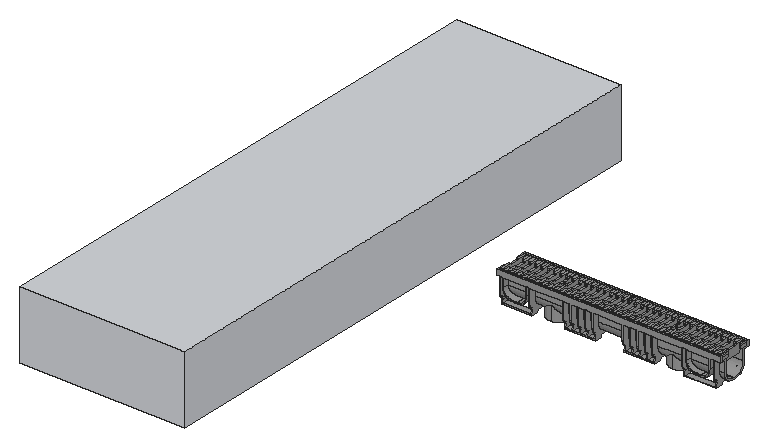
Revit family "Plastic channel Base DN100 with a high board vertical outlet", category Оборудование, Revit 2019
Family settings
  Основа = Грань
  Размер круглого соединителя = Использовать диаметр
  Тип детали = Нормальный
  При загрузке вырезать с полостями = Нет
  Общий = Да
  Точка расчета площади = Нет
Parameters (values of type "Тип 1")
  Adapter [instance] = no
  Drainage Grating [instance] = plastic mesh : 208011
  Choise fastening [instance] = Choice of fastening : 6100-35
  no = No : ні
  Trim size [instance] = 0 mm
  lattice [instance] = if(Drainage Grating = A01, G01, if(Drainage Grating = A02, G02, if(Drainage Grating = A03, G03, if(Drainage Grating = A04, G04, if(Drainage Grating = A05, G05, no)))))  # Plastic grate Base DN100 mesh : 208011
  bias = yes
  VP [instance] = and(Adapter, not(Cap right), CN = 8020, kp = 0 mm, km = 0 mm)  # no
  V1G [instance] = not(and(Trim size > 499 mm, Connection = Connection on the left))  # yes
  R2 = 49 mm
  R1 = 49 mm
  H2 = ADSK_Dimension_Height - 40 mm  # 100 mm
  H1 = if(bias, ADSK_Dimension_Height - 50 mm, ADSK_Dimension_Height - 40 mm)  # 90 mm
  G05 = Plastic grate Base DN100 mesh ADA : 208032
  G04 = Plastic grate Base DN100 mesh ADA : 208022
  G03 = Plastic grate Base DN100 mesh ADA : 208012
  G02 = Plastic grate Base DN100 mesh : 208021
  G01 = Plastic grate Base DN100 mesh : 208011
  Fr3 = Fastening : 6800-35
  Fr2 = Fastening : 6200-35
  Fr1 = Fastening : 6100-35
  Fr [instance] = if(Choise fastening = Fa1, Fr1, if(Choise fastening = Fa2, Fr2, Fr3))  # Fastening : 6100-35
  Fa2 = Choice of fastening : 6200-35
  Fa1 = Choice of fastening : 6100-35
  Connection on the right = TC : Right
  Connection on the left = TC : Left
  Connection [instance] = TC : Right
  Zr [instance] = and(kp = 0 mm, km = 0 mm, Cap right)  # no
  Zl [instance] = and(np = 0 mm, nm = 0 mm, Cap left)  # no
  fastening [instance] = or(Drainage Grating = A03, Drainage Grating = A04, Drainage Grating = A05)  # no
  Tray sinking [instance] = 0 mm  # constant formula
  Cap_begin = if(or(CN = 80080, CN = 8050), Cap8050, if(CN = 8020, Cap8020, if(CN = 8010, Cap8010, if(or(CN = 80090, CN = 80100), Cap1, if(or(CN = 80170, CN = 80180, CN = 80190, CN = 80200), Cap3, Cap2)))))  # Plastic end cap Base DN100 : 630060
  Cap right [instance] = no
  Cap left [instance] = no
  Cap_end = if(CN = 8050, Cap8050, if(CN = 8020, Cap8020, if(CN = 8010, Cap8010, if(or(CN = 80080, CN = 80090), Cap1, if(or(CN = 80160, CN = 80170, CN = 80180, CN = 80190, CN = 80200), Cap3, Cap2)))))  # Plastic end cap Base DN100 : 630-1
  np2 [instance] = if(and(np > 501 mm, Connection = Connection on the right), np - 500 mm, 0 mm)  # 0 mm
  nm2 [instance] = if(and(nm > 501 mm, Connection = Connection on the right), nm - 500 mm, 0 mm)  # 0 mm
  kp2 [instance] = if(and(kp > 501 mm, Connection = Connection on the left), kp - 500 mm, 0 mm)  # 0 mm
  km2 [instance] = if(and(km > 501 mm, Connection = Connection on the left), km - 500 mm, 0 mm)  # 0 mm
  VK2 [instance] = and(fastening, not(or(km > 738 mm, kp > 738 mm, nm > 738 mm, np > 738 mm)))  # no
  VK1 [instance] = and(fastening, not(or(km > 238 mm, kp > 238 mm, nm > 238 mm, np > 238 mm)))  # no
  V2G [instance] = not(and(Trim size > 499 mm, Connection = Connection on the right))  # yes
  V1000 [instance] = 1 = 1  # yes
  Группа модели = "Linear drainage"  # constant formula
  L_line [instance] = if(or(CN = 8000, Connection = Connection on the left), 220 mm, 768 mm)  # 768 mm
  CutUp [instance] = ADSK_Dimension_Height + Tray sinking  # 140 mm
  CutDown [instance] = -CutUp  # -140 mm
  Default Elevation = 0 mm
  np [instance] = if(or(Connection = Connection on the left, CN = 8000, CN = 8007), 0 mm, if(and(Trim angle > 0.00°, Trim size > 694 mm), 0 mm, if(Trim angle > 0.00°, if(Trim angle < MaxAngle, (tan(Trim angle) * ADSK_Dimension_Width), ADSK_Dimension_Width), 0 mm)) + L_trim)  # 0 mm
  nm [instance] = if(or(Connection = Connection on the left, CN = 8000, CN = 8007), 0 mm, if(Trim angle < -MaxAngle, ADSK_Dimension_Width, if(or(Trim angle < 0.00°, Trim angle < -MaxAngle), (-tan(Trim angle) * ADSK_Dimension_Width), 0 mm)) + L_trim)  # 0 mm
  kp [instance] = if(and(Connection = Connection on the right, not(CN = 8000), not(CN = 8007)), 0 mm, if(and(Trim angle > 0.00°, Trim size > 694 mm), 0 mm, if(Trim angle > 0.00°, if(Trim angle < MaxAngle, (tan(Trim angle) * ADSK_Dimension_Width), ADSK_Dimension_Width), 0 mm)) + L_trim)  # 0 mm
  km [instance] = if(and(Connection = Connection on the right, not(CN = 8000)), 0 mm, if(Trim angle < -MaxAngle, ADSK_Dimension_Width, if(or(Trim angle < 0.00°, Trim angle < -MaxAngle), (-tan(Trim angle) * ADSK_Dimension_Width), 0 mm)) + L_trim)  # 0 mm
  W2 = 156 mm  # constant formula
  W1 = 160 mm  # constant formula
  MaxAngle [instance] = 45.00°  # constant formula
  L_trim [instance] = if(Trim size > 600 mm, 600 mm, Trim size)  # 0 mm
  Trim angle [instance] = 0.00°
  Cap8010 = Plastic end cap Base DN100 : 630080
  Cap3 = Plastic end cap Base DN100 : 630-3
  CN = 80080
  Cap8050 = Plastic end cap Base DN100 : 630060
  Cap8020 = Plastic end cap Base DN100 : 630120
  Cap2 = Plastic end cap Base DN100 : 630-2
  Cap1 = Plastic end cap Base DN100 : 630-1
  ADSK_Weight = 0
  ADSK_Unit = "pcs"  # constant formula
  ADSK_Sealant = 0
  ADSK_Product code = ""
  ADSK_Position [instance] = ""
  ADSK_Name = ""
  ADSK_Material_Name = "Plastic"  # constant formula
  ADSK_Manufacturer = "Vodaland"  # constant formula
  ADSK_Load class = "C250"  # constant formula
  ADSK_Dimension_Width = 160 mm  # constant formula
  ADSK_Dimension_Lenght = 1000 mm
  ADSK_Dimension_Height = 140 mm
  ADSK_Dimension_Diameter = 100 mm  # constant formula
  ADSK_Annotation [instance] = ""
  A05 = plastic mesh ADA : 208032
  A04 = plastic mesh ADA : 208022
  A03 = plastic mesh ADA : 208012
  A02 = plastic mesh : 208021
  A01 = plastic mesh : 208011
Reference planes
  plane 1 "По центру (Вперед/Назад)": y = 0
  plane 2: z = 0
  plane 3 "По центру (Влево/Вправо)": x = 0
  plane 4: x = 1000
  plane 5: x = 750
  plane 6: x = 250
  plane 7: y = 80
  plane 8: y = -80
  plane 9: x = 500
  plane 10: z = 0
  plane 11 "Down": z = -140
Forms (mm)
  Extrusion 1, solid
    sketch origin (0, 0, 0) x (1, 0, 0) y (0, 1, 0)
      loop
        line (-1219.2, 1219.2) -> (-1219.2, -1219.2) -> (-485.164, -1219.2) -> (-485.164, 1219.2) -> (-1219.2, 1219.2)
    from 0 to -304.8
  Extrusion 2, void
    sketch origin (0, 0, 0) x (1, 0, 0) y (0, 1, 0)
      loop
        line (0, 80) -> (0, -80) -> (1000, -80) -> (1000, 80) -> (0, 80)
    from 0 to -140 <- "CutDown"
Lines and regions (mm)
  reference lines
    curve 1: line (768, 0, 0) -> (768, 0, -140)
Dimensions and locks
  equal spacing: plane 7, plane 1 "По центру (Вперед/Назад)", plane 8
  "ADSK_Dimension_Width": plane 7 to plane 8
  "ADSK_Dimension_Lenght": plane 3 "По центру (Влево/Вправо)" to plane 4
  equal spacing: plane 3 "По центру (Влево/Вправо)", plane 9, plane 4
  equal spacing: plane 9, plane 5, plane 4
  equal spacing: plane 3 "По центру (Влево/Вправо)", plane 6, plane 9
  "km": Extrusion 2 sketch curve to plane 4
  "np": plane 3 "По центру (Влево/Вправо)" to Extrusion 2 sketch curve
  "nm": plane 3 "По центру (Влево/Вправо)" to Extrusion 2 sketch curve
  "kp": Extrusion 2 sketch curve to plane 4
  "Tray sinking": plane 2 to plane 10
  "CutUp": plane 2 to plane 11 "Down"
  "L_line": curve 1 to plane 3 "По центру (Влево/Вправо)"
  aligned and locked: plane 2 to Extrusion 1
  aligned and locked: level to Extrusion 1
  aligned and locked: Extrusion 2 sketch curve to plane 7
  aligned and locked: plane 8 to Extrusion 2 sketch curve
  aligned and locked: nested 5 to nested 3
  aligned and locked: plane 10 to nested 5
  aligned and locked: plane 10 to nested 7
  aligned and locked: plane 4 to nested 7
  aligned and locked: plane 3 "По центру (Влево/Вправо)" to nested 5
  aligned and locked: plane 2 to curve 1
  aligned and locked: plane 11 "Down" to curve 1
  aligned and locked: plane 2 to nested 8
  aligned and locked: plane 1 "По центру (Вперед/Назад)" to nested 8
  aligned and locked: plane 4 to nested 8
  aligned and locked: plane 6 to nested 9
  aligned and locked: plane 5 to nested 10
  aligned and locked: plane 1 "По центру (Вперед/Назад)" to nested 10
  aligned and locked: plane 1 "По центру (Вперед/Назад)" to nested 9
Automatic sketch dimensions
  Extrusion 1 sketch curve to Extrusion 1 sketch curve = 734.036 mm
  Extrusion 1 sketch curve to Extrusion 1 sketch curve = 2438.4 mm
Nested families
  nested 1: "No" at (500, 0, 0), kp <- "kp", nm <- "nm", np <- "np", km <- "km", visible <- "V1000", type "ні"
    with Видимість решітки праворуч yes, Видимість решітки ліворуч yes, np 0 mm, nm 0 mm, kp 0 mm, km 0 mm, W1 0 mm, H 0 mm
  nested 2: "Plastic channel Base DN100 high board" at (500, 0, 0), km <- "km", kp <- "kp", nm <- "nm", np <- "np", H <- "ADSK_Dimension_Height", H1 <- "H1", H2 <- "H2", R1 <- "R1", R2 <- "R2", type "a high board"
    with np 0 mm, nm 0 mm, kp 0 mm, km 0 mm, R2_2 54 mm, R2 49 mm, R1_2 54 mm, R1 49 mm, H2 100 mm, H1 90 mm, H 140 mm
  nested 3: "Plastic grate Base DN100 mesh" at (250, 0, 0), visible <- "V2G", type <- "lattice", km <- "km2", kp <- "kp2", nm <- "nm", np <- "np", W1 <- "W1", type "208011"
    with Видимість решітки праворуч yes, Видимість решітки ліворуч yes, np 0 mm, nm 0 mm, kp 0 mm, km 0 mm, W1 160 mm, ADSK_Position "", ADSK_Annotation ""
  nested 4: "Plastic grate Base DN100 mesh" at (750, 0, 0), visible <- "V1G", type <- "lattice", km <- "km", kp <- "kp", nm <- "nm2", np <- "np2", W1 <- "W1", type "208011"
    with Видимість решітки праворуч yes, Видимість решітки ліворуч yes, np 0 mm, nm 0 mm, kp 0 mm, km 0 mm, W1 160 mm, ADSK_Position "", ADSK_Annotation ""
  nested 5: "Plastic end cap Base DN100" at (-2.5, 0, 0), visible <- "Zl", H <- "ADSK_Dimension_Height", type <- "Cap_begin", type "630060"
    with H 140 mm
  nested 6: "Sealant" at (-40, 540, 0), Sealant <- "ADSK_Sealant", type "Sealant"
  nested 7: "Plastic end cap Base DN100" at (997.5, 0, 0), visible <- "Zr", H <- "ADSK_Dimension_Height", type <- "Cap_end", type "630-1"
    with H 140 mm
  nested 8: "Plastic end cap-adapter Base DN100" at (997.5, 0, 0), visible <- "VP", type "6307.4"
    with H 120 mm
  nested 9: "Fastening" at (250, 0, 0), visible <- "VK2", type <- "Fr", type "6100-35"
  nested 10: "Fastening" at (750, 0, 0), visible <- "VK1", type <- "Fr", type "6100-35"
Connectors
  piping at (768, 0, -140), diameter 110
    settings: on curve 1, index 1, connector inside diameter 609.6 mm, connector length 0 mm, flow factor 0, pipe flow 0.0 L/s, pressure drop 0.0 Pa, fitting loss kfactor 0, connector angle 0.00°, fixture units 0, engagement length 0 mm, angle of deflection 0.00°, flow configuration 0, flow direction 2, fitting loss method 0, system type 7, joint type 0, gender type 0, connector reference index -1, connector utility 0, adjustable connector no, is connector primary yes, connector description ""
Definition of nested family "Plastic channel Base DN100 high board"
  Parameters (values of type "a high board")
    np [instance] = 0 mm
    nm [instance] = 0 mm
    kp [instance] = 0 mm
    km [instance] = 0 mm
    US = no
    S = 156 mm  # constant formula
    Rl = 25 mm  # constant formula
    R2_2 [instance] = R2 + 5 mm  # 30 mm
    R2 [instance] = 25 mm
    R1_2 [instance] = R1 + 5 mm  # 30 mm
    R1 [instance] = 25 mm
    Material2 = none
    Material = none
    L = 1000 mm  # constant formula
    Hпос = 20 mm  # constant formula
    H2 [instance] = 110 mm
    H1 [instance] = 100 mm
    H [instance] = 155 mm
    DN = 100 mm  # constant formula
  Reference planes
    plane 1 "По центру (Вперед/Назад)": y = 0
    plane 2 "Up": z = 0
    plane 3 "По центру (Влево/Вправо)": x = 0
    plane 4 "Л": x = -500
    plane 5 "П": x = 500
    plane 6 "Down": z = -155
    plane 7: y = -78
    plane 8: y = 78
    plane 9: z = -20
    plane 10: y = -50
    plane 11: y = 50
    plane 12: z = -120
    plane 13: z = -130
    plane 14: y = 68
    plane 15: y = -68
    plane 16: x = -420
    plane 17: x = 400
    plane 18: z = -25
  Forms (mm)
    Blend 1, solid, material <- "Material", detail levels medium+fine
      base sketch origin (-500, 0, 0) x (0, 1, 0) y (0, 0, 1)
        loop
          line (78, 0) -> (69, 0) -> (69, -20) -> (1.659, -20) -> (-69, -20) -> (-69, 0) -> (-78, 0) -> (-78, -25) -> (-55, -25) -> (-55, -98)
          arc (-55, -98) -> (-47.678, -115.678) -> (-30, -123) r 25
          line (-30, -123) -> (0, -123) -> (30, -123)
          arc (30, -123) -> (47.678, -115.678) -> (55, -98) r 25
          line (55, -98) -> (55, -25) -> (78, -25) -> (78, 0)
      top sketch origin (-500, 0, 0) x (0, 1, 0) y (0, 0, 1)
        loop
          line (78, 0) -> (69, 0) -> (69, -20) -> (2.575, -20) -> (-69, -20) -> (-69, 0) -> (-78, 0) -> (-78, -25) -> (-55, -25) -> (-55, -108)
          arc (-55, -108) -> (-47.678, -125.678) -> (-30, -133) r 25
          line (-30, -133) -> (0.622, -133) -> (30, -133)
          arc (30, -133) -> (47.678, -125.678) -> (55, -108) r 25
          line (55, -108) -> (55, -25) -> (78, -25) -> (78, 0)
      from 0 to 1000 <- "L"
    Extrusion 2, solid, material <- "Material", detail levels medium+fine
      sketch origin (0, 0, -155) x (0, -1, 0) y (1, 0, 0)
        loop
          line (-78, -488) -> (78, -488) -> (78, -350.5) -> (-78, -350.5) -> (-78, -488)
        loop
          line (-78, -205.052) -> (78, -205.052) -> (78, -67.052) -> (-78, -67.052) -> (-78, -205.052)
        loop
          line (78, 199) -> (-78, 199) -> (-78, 61) -> (78, 61) -> (78, 199)
        loop
          line (-78, 327) -> (78, 327) -> (78, 475) -> (-78, 475) -> (-78, 327)
      from 0 to 135
    Blend 3, void
      base sketch origin (-500, 0, 0) x (0, 1, 0) y (0, 0, 1)
        loop
          line (50, -20) -> (-50, -20) -> (-50, -95)
          arc (-50, -95) -> (-42.678, -112.678) -> (-25, -120) r 25
          line (-25, -120) -> (25, -120)
          arc (25, -120) -> (42.678, -112.678) -> (50, -95) r 25
          line (50, -95) -> (50, -20)
      top sketch origin (-500, 0, 0) x (0, 1, 0) y (0, 0, 1)
        loop
          line (50, -20) -> (-50, -20) -> (-50, -105)
          arc (-50, -105) -> (-42.678, -122.678) -> (-25, -130) r 25
          line (-25, -130) -> (25, -130)
          arc (25, -130) -> (42.678, -122.678) -> (50, -105) r 25
          line (50, -105) -> (50, -20)
      from 0 to 1000
    Extrusion 4, void
      sketch origin (-500, 0, 0) x (0, 1, 0) y (0, 0, 1)
        loop
          arc (-68, -141.785) -> (-63.485, -130.709) -> (-68.813, -120) r 14.525
          arc (-68.813, -120) -> (-75.587, -111.353) -> (-78, -100.636) r 25
          line (-78, -100.636) -> (-78, 0) -> (-100.643, 0) -> (-100.643, -155) -> (-68, -155) -> (-68, -141.785)
        loop
          line (68, -141.785) -> (68, -155) -> (100.643, -155) -> (100.643, 0) -> (78, 0) -> (78, -100.636)
          arc (78, -100.636) -> (75.587, -111.353) -> (68.813, -120) r 25
          arc (68.813, -120) -> (63.485, -130.709) -> (68, -141.785) r 14.525
        loop
          arc (-30, -143) -> (-37.071, -145.929) -> (-40, -153) r 10
          line (-40, -153) -> (-40, -155) -> (40, -155) -> (40, -153)
          arc (40, -153) -> (37.071, -145.929) -> (30, -143) r 10
          line (30, -143) -> (-30, -143)
      from 0 to 1000 <- "L"
    Extrusion 5, solid, material <- "Material", detail levels medium+fine
      sketch origin (0, 0, -155) x (0, -1, 0) y (1, 0, 0)
        loop
          circle (0, -280) r 54.25
        loop
          circle (0, 267.5) r 54.25
      from 0 to 135
    Extrusion 6, void
      sketch origin (0, 0, -155) x (0, -1, 0) y (1, 0, 0)
        loop
          line (-78, 500) -> (78, 500) -> (78, 515) -> (-78, 515) -> (-78, 500)
      from -50 to 155
    Extrusion 7, void
      sketch origin (0, 0, -155) x (0, -1, 0) y (1, 0, 0)
        loop
          line (-78, -510) -> (78, -510) -> (78, -500) -> (-78, -500) -> (-78, -510)
      from -50 to 155
    Extrusion 8, void
      sketch origin (0, 0, 0) x (1, 0, 0) y (0, 0, 1)
        loop
          line (-199.693, -25) -> (-199.693, -150) -> (-172.193, -150) -> (-172.193, -25) -> (-199.693, -25)
        loop
          line (-166.693, -25) -> (-166.693, -150) -> (-139.193, -150) -> (-139.193, -25) -> (-166.693, -25)
        loop
          line (-133.693, -25) -> (-133.693, -150) -> (-106.193, -150) -> (-106.193, -25) -> (-133.693, -25)
        loop
          line (-100.693, -25) -> (-100.693, -150) -> (-73.193, -150) -> (-73.193, -25) -> (-100.693, -25)
        loop
          line (332, -149.014) -> (469.5, -149.014) -> (469.5, -25) -> (455.117, -25) -> (455.117, -100)
          arc (455.117, -100) -> (446.331, -121.213) -> (425.117, -130) r 30
          line (425.117, -130) -> (375, -130)
          arc (375, -130) -> (353.787, -121.213) -> (345, -100) r 30
          line (345, -100) -> (345, -25) -> (332, -25) -> (332, -149.014)
        loop
          line (193.302, -25) -> (165.802, -25) -> (165.802, -150) -> (193.302, -150) -> (193.302, -25)
        loop
          line (160.302, -25) -> (132.802, -25) -> (132.802, -150) -> (160.302, -150) -> (160.302, -25)
        loop
          line (127.302, -25) -> (99.802, -25) -> (99.802, -150) -> (127.302, -150) -> (127.302, -25)
        loop
          line (94.302, -25) -> (66.802, -25) -> (66.802, -150) -> (94.302, -150) -> (94.302, -25)
        loop
          line (-470, -25) -> (-470, -95)
          arc (-470, -95) -> (-462.678, -112.678) -> (-445, -120) r 25
          line (-445, -120) -> (-395, -120)
          arc (-395, -120) -> (-377.322, -112.678) -> (-370, -95) r 25
          line (-370, -95) -> (-370, -25) -> (-470, -25)
        loop
          line (-482.625, -149.014) -> (-355.5, -149.014) -> (-355.5, -25) -> (-365, -25) -> (-365, -95)
          arc (-365, -95) -> (-373.787, -116.213) -> (-395, -125) r 30
          line (-395, -125) -> (-445, -125)
          arc (-445, -125) -> (-466.213, -116.213) -> (-475, -95) r 30
          line (-475, -95) -> (-475, -25) -> (-482.625, -25) -> (-482.625, -149.014)
        loop
          line (350, -25) -> (350, -100.014)
          arc (350, -100.014) -> (357.322, -117.691) -> (375, -125.014) r 25
          line (375, -125.014) -> (425, -125.014)
          arc (425, -125.014) -> (442.678, -117.691) -> (450, -100.014) r 25
          line (450, -100.014) -> (450, -25) -> (350, -25)
      from -250 to 250
    Extrusion 9, solid, material <- "Material2", visible <- "US", detail levels medium+fine
      sketch origin (-500, 0, 0) x (0, 1, 0) y (0, 0, 1)
        loop
          line (-69, -20) -> (-50, -20) -> (-50, -25) -> (-49, -25) -> (-49, -19) -> (-68, -19) -> (-68, 0) -> (-69, 0) -> (-69, -20)
        loop
          line (69, -20) -> (69, 0) -> (68, 0) -> (68, -19) -> (49, -19) -> (49, -25) -> (50, -25) -> (50, -20) -> (69, -20)
      from 0 to 1000
    Extrusion 10, solid, detail levels coarse
      sketch origin (0, 0, -155) x (0, -1, 0) y (1, 0, 0)
        loop
          line (-78, -500) -> (78, -500) -> (78, 500) -> (-78, 500) -> (-78, -500)
      from 0 to 155
  Cuts and joins
    Blend 3, Extrusion 4, Extrusion 6, Extrusion 7 cuts Blend 1
    Blend 3, Extrusion 4, Extrusion 6, Extrusion 7, Extrusion 8 cuts Extrusion 2
    Blend 3, Extrusion 6, Extrusion 7 cuts Extrusion 5
    joined: Blend 1, Extrusion 2, Extrusion 5
    Extrusion 6, Extrusion 7 cuts Extrusion 9
    Extrusion 6, Extrusion 7 cuts Extrusion 10
  Lines and regions (mm)
    reference lines
      curve 1: line (500, -78, -155) -> (500, 78, -155)
      curve 2: line (-500, -78, -155) -> (-500, 78, -155)
  Dimensions and locks
    equal spacing: plane 4 "Л", plane 3 "По центру (Влево/Вправо)", plane 5 "П"
    "L": plane 4 "Л" to plane 5 "П"
    locked: Blend 1 sketch curve to Blend 1 sketch curve at 9  (x2)
    Blend 1 sketch curve to Blend 1 sketch curve = 9 mm  (x2)
    "S": plane 7 to plane 8
    equal spacing: plane 7, plane 1 "По центру (Вперед/Назад)", plane 8
    "Hпос": plane 2 "Up" to plane 9
    "DN": plane 10 to plane 11
    equal spacing: plane 10, plane 1 "По центру (Вперед/Назад)", plane 11
    "H2": plane 9 to plane 13
    "H1": plane 9 to plane 12
    plane 12 to Blend 1 sketch curve = 3 mm
    plane 13 to Blend 1 sketch curve = 3 mm
    locked: Extrusion 2 sketch curve to Extrusion 2 sketch curve at 137.5
    Extrusion 2 sketch curve to Extrusion 2 sketch curve = 148 mm
    Extrusion 2 sketch curve to Extrusion 2 sketch curve = 138 mm  (x2)
    equal spacing: plane 14, plane 1 "По центру (Вперед/Назад)", plane 15
    locked: plane 14 to plane 15 at 136
    Blend 1 sketch curve to plane 10 = 5 mm  (x2)
    plane 11 to Blend 1 sketch curve = 5 mm  (x2)
    Extrusion 2 sketch curve to plane 4 "Л" = 12 mm
    Extrusion 4 sketch curve to plane 11 = 10 mm
    plane 10 to Extrusion 4 sketch curve = 10 mm
    plane 4 "Л" to Extrusion 5 sketch curve = 220 mm
    Extrusion 5 sketch curve to plane 5 "П" = 232.5 mm
    "kp": curve 1 to plane 5 "П"
    "km": curve 1 to plane 5 "П"
    "np": plane 4 "Л" to curve 2
    "nm": plane 4 "Л" to curve 2
    locked: plane 5 "П" to Extrusion 6 sketch curve at 15
    locked: Extrusion 7 sketch curve to plane 4 "Л" at 10
    locked: plane 16 to plane 4 "Л" at 80
    locked: plane 5 "П" to plane 17 at 100
    equal spacing: Extrusion 8 sketch curve, plane 16, Extrusion 8 sketch curve
    "DN": Extrusion 8 sketch curve to Extrusion 8 sketch curve  (x2)
    plane 12 to Extrusion 8 sketch curve = 5 mm
    equal spacing: Extrusion 8 sketch curve, plane 17, Extrusion 8 sketch curve
    Extrusion 8 sketch curve to Extrusion 8 sketch curve = 5.117 mm
    locked: cut or joined group of Blend 1, Extrusion 2, Blend 3, Extrusion 4, Extrusion 5, Extrusion 6, Extrusion 7, Extrusion 8 to Extrusion 8 sketch curve at 5
    cut or joined group of Blend 1, Extrusion 2, Blend 3, Extrusion 4, Extrusion 5, Extrusion 6, Extrusion 7, Extrusion 8 to Extrusion 8 sketch curve = 5 mm
    locked: cut or joined group of Blend 1, Extrusion 2, Blend 3, Extrusion 4, Extrusion 5, Extrusion 6, Extrusion 7, Extrusion 8 to cut or joined group of Blend 1, Extrusion 2, Blend 3, Extrusion 4, Extrusion 5, Extrusion 6, Extrusion 7, Extrusion 8 at 19.014
    locked: cut or joined group of Blend 1, Extrusion 2, Blend 3, Extrusion 4, Extrusion 5, Extrusion 6, Extrusion 7, Extrusion 8 to cut or joined group of Blend 1, Extrusion 2, Blend 3, Extrusion 4, Extrusion 5, Extrusion 6, Extrusion 7, Extrusion 8 at 4.986
    "H": plane 2 "Up" to plane 6 "Down"
    locked: plane 9 to plane 18 at 5
    "R1": radius of Blend 3 sketch curve  (x2)
    "R2": radius of Blend 3 sketch curve  (x2)
    "R2": radius of Blend 1 sketch curve  (x2)
    "R1": radius of Blend 1 sketch curve  (x2)
    diameter of Extrusion 5 sketch curve = 108.5 mm  (x2)
    "Rl": radius of Extrusion 4 sketch curve  (x2)
    "R1": radius of Extrusion 8 sketch curve  (x2)
    "R1_2": radius of Extrusion 8 sketch curve  (x2)
    "R2": radius of Extrusion 8 sketch curve  (x2)
    "R2_2": radius of Extrusion 8 sketch curve  (x2)
    aligned and locked: level to plane 2 "Up"
    aligned and locked: Blend 1 sketch curve to level
    aligned and locked: Blend 1 sketch curve to plane 2 "Up"
    aligned and locked: plane 2 "Up" to Blend 1 sketch curve
    aligned and locked: Blend 1 sketch curve to plane 8
    aligned and locked: Blend 1 sketch curve to plane 7
    aligned and locked: plane 7 to Blend 1 sketch curve
    aligned and locked: plane 8 to Blend 1 sketch curve
    aligned and locked: Blend 1 sketch curve to plane 9  (x2)
    aligned and locked: plane 9 to Blend 1 sketch curve
    aligned and locked: plane 9 to Extrusion 2
    aligned and locked: Blend 3 sketch curve to plane 11  (x2)
    aligned and locked: Blend 3 sketch curve to plane 10  (x2)
    aligned and locked: Blend 3 sketch curve to plane 9  (x2)
    aligned and locked: plane 12 to Blend 3 sketch curve
    aligned and locked: plane 13 to Blend 3 sketch curve
    aligned and locked: Extrusion 2 sketch curve to plane 8  (x4)
    aligned and locked: plane 7 to Extrusion 2 sketch curve  (x4)
    aligned and locked: Extrusion 4 sketch curve to plane 15
    aligned and locked: Extrusion 4 sketch curve to plane 14
    aligned and locked: Extrusion 4 sketch curve to plane 6 "Down"
    aligned and locked: plane 6 "Down" to Extrusion 4 sketch curve  (x2)
    aligned and locked: plane 9 to Extrusion 5
    aligned and locked: Extrusion 4 sketch curve to plane 2 "Up"
    aligned and locked: plane 2 "Up" to Extrusion 4 sketch curve
    aligned and locked: Extrusion 4 sketch curve to plane 7
    aligned and locked: Extrusion 4 sketch curve to plane 8
    aligned and locked: Extrusion 6 sketch curve to curve 1
    aligned and locked: Extrusion 6 sketch curve to plane 8
    aligned and locked: plane 7 to Extrusion 6 sketch curve
    aligned and locked: Extrusion 7 sketch curve to curve 2
    aligned and locked: Extrusion 7 sketch curve to plane 8
    aligned and locked: plane 7 to Extrusion 7 sketch curve
    aligned and locked: plane 2 "Up" to Extrusion 6
    aligned and locked: plane 2 "Up" to Extrusion 7
    aligned and locked: plane 13 to Extrusion 8 sketch curve
    aligned and locked: Extrusion 10 sketch curve to plane 5 "П"
    aligned and locked: plane 4 "Л" to Extrusion 10 sketch curve
    aligned and locked: Extrusion 10 sketch curve to plane 8
    aligned and locked: plane 7 to Extrusion 10 sketch curve
    aligned and locked: plane 2 "Up" to Extrusion 10
    aligned and locked: Extrusion 10 to plane 6 "Down"
    aligned and locked: Extrusion 8 sketch curve to plane 18  (x8)
    aligned and locked: plane 18 to Extrusion 8 sketch curve  (x6)
    aligned and locked: Blend 1 sketch curve to plane 18  (x2)
    aligned and locked: plane 18 to Blend 1 sketch curve  (x2)
  Automatic sketch dimensions
    Extrusion 2 sketch curve to Extrusion 2 sketch curve = 145.448 mm
    plane 3 "По центру (Влево/Вправо)" to Extrusion 2 sketch curve = 61 mm
    Extrusion 2 sketch curve to plane 5 "П" = 25 mm
    plane 1 "По центру (Вперед/Назад)" to Extrusion 5 sketch curve = 0 mm  (x2)
    Extrusion 9 sketch curve to level = 0 mm  (x2)
    Extrusion 9 sketch curve to plane 9 = 0 mm  (x2)
    Extrusion 9 sketch curve to plane 15 = 0 mm
    Extrusion 9 sketch curve to plane 10 = 0 mm
    Extrusion 9 sketch curve to plane 11 = 0 mm
    Extrusion 9 sketch curve to plane 14 = 0 mm
    Extrusion 9 sketch curve to plane 15 = 1 mm
    Extrusion 9 sketch curve to plane 10 = 1 mm
    Extrusion 9 sketch curve to Extrusion 9 sketch curve = 1 mm
    plane 14 to Extrusion 9 sketch curve = 1 mm
    Extrusion 9 sketch curve to plane 9 = 5 mm  (x2)
    plane 9 to Extrusion 9 sketch curve = 1 mm  (x2)
    Blend 1 sketch curve to plane 1 "По центру (Вперед/Назад)" = 0 mm
    Blend 1 sketch curve to level = 0 mm
    Blend 1 sketch curve to plane 1 "По центру (Вперед/Назад)" = 1.659 mm
    Blend 1 sketch curve to plane 1 "По центру (Вперед/Назад)" = 0.622 mm
    Blend 1 sketch curve to plane 1 "По центру (Вперед/Назад)" = 2.575 mm
    Extrusion 4 sketch curve to plane 7 = 0 mm
    Extrusion 4 sketch curve to plane 12 = 0 mm  (x4)
    Extrusion 4 sketch curve to plane 8 = 0 mm
    Extrusion 4 sketch curve to plane 7 = 22.643 mm
    plane 6 "Down" to Extrusion 4 sketch curve = 2 mm  (x2)
    Extrusion 4 sketch curve to Extrusion 4 sketch curve = 10 mm
    plane 8 to Extrusion 4 sketch curve = 22.643 mm
    Extrusion 4 sketch curve to plane 13 = 11.785 mm  (x2)
    curve 1 to plane 8 = 0 mm
    curve 2 to plane 8 = 0 mm
    curve 2 to plane 7 = 0 mm
    curve 1 to plane 7 = 0 mm
    Extrusion 8 sketch curve to Extrusion 8 sketch curve = 0 mm  (x3)
    plane 6 "Down" to Extrusion 8 sketch curve = 5.986 mm  (x2)
    plane 4 "Л" to Extrusion 8 sketch curve = 17.375 mm
    plane 6 "Down" to Extrusion 8 sketch curve = 5 mm  (x8)
    Extrusion 8 sketch curve to Extrusion 8 sketch curve = 155.807 mm
    Extrusion 8 sketch curve to Extrusion 8 sketch curve = 27.5 mm  (x8)
    Extrusion 8 sketch curve to Extrusion 8 sketch curve = 5.5 mm  (x6)
    plane 3 "По центру (Влево/Вправо)" to Extrusion 8 sketch curve = 66.802 mm
    Extrusion 8 sketch curve to Extrusion 8 sketch curve = 5 mm
    Extrusion 8 sketch curve to Extrusion 8 sketch curve = 14.383 mm
    Extrusion 8 sketch curve to Extrusion 8 sketch curve = 4.986 mm
Definition of nested family "Plastic grate Base DN100 mesh"
  Parameters (values of type "208011")
    Видимість решітки праворуч [instance] = yes
    Видимість решітки ліворуч [instance] = yes
    np [instance] = 0 mm
    nm [instance] = 0 mm
    kp [instance] = 0 mm
    km [instance] = 0 mm
    W2 = 73.083 mm
    W1 [instance] = 140 mm
    Model = "Linear drainage"  # constant formula
    Material = none
    L2 = 1000 mm  # constant formula
    L1 = 500 mm  # constant formula
    ADSK_Weight = 0.77
    ADSK_Unit = "pcs"  # constant formula
    ADSK_Product code = "208011"
    ADSK_Position [instance] = ""
    ADSK_Name = "Plastic grate Base DN100 mesh A15 high board"
    ADSK_Material_Name = "Plastic"  # constant formula
    ADSK_Manufacturer = "Vodaland"  # constant formula
    ADSK_Load class = "A15"
    ADSK_Dimension_Width = 133 mm  # constant formula
    ADSK_Dimension_Lenght = 498 mm  # constant formula
    ADSK_Annotation [instance] = ""
  Types (2, lengths in mm): name | ADSK_Weight | ADSK_Product code | ADSK_Name | ADSK_Load class
    208011 | 0.77 | "208011" | "Plastic grate Base DN100 mesh A15 high board" | "A15"
    208021 | 0.78 | "208021" | "Plastic grate Base DN100 mesh B125 high board" | "B125"
  Reference planes
    plane 1 "По центру (Вперед/Назад)": y = 0
    plane 2: z = 0
    plane 3 "По центру (Влево/Вправо)": x = 0
    plane 4: y = -66.5
    plane 5: y = 66.5
    plane 6: y = -36.541
    plane 7: y = 36.541
    plane 8: z = -5
    plane 9: z = -38.9
    plane 10: x = -250
    plane 11: x = 250
    plane 12: x = -500
    plane 13: x = 500
    plane 14: x = -250
    plane 15: x = -250
    plane 16: x = 250
    plane 17: x = 250
    plane 18: y = -70
    plane 19: y = 70
  Forms (mm)
    Extrusion 1, solid, material <- "Material", visible <- "Видимість решітки ліворуч", detail levels medium+fine
      sketch origin (0, 0, 0) x (1, 0, 0) y (0, 1, 0)
        loop
          line (-250, 66.5) -> (-250, 36.541) -> (250, 36.541) -> (250, 66.5) -> (-250, 66.5)
      from -5 to 0
    Extrusion 2, solid, material <- "Material", visible <- "Видимість решітки ліворуч", detail levels medium+fine
      sketch origin (0, 0, 0) x (1, 0, 0) y (0, 1, 0)
        loop
          line (-250, -66.5) -> (250, -66.5) -> (250, -36.541) -> (-250, -36.541) -> (-250, -66.5)
      from -5 to 0
    Extrusion 3, solid, material <- "Material", visible <- "Видимість решітки ліворуч", detail levels medium+fine
      sketch origin (-454.062, 0, 0) x (0, 1, 0) y (0, 0, 1)
        loop
          line (-43.386, -19.5) -> (-36.174, -38.9) -> (36.174, -38.9) -> (43.386, -19.5) -> (43.386, 0) -> (66.5, 0) -> (66.5, 2) -> (23.386, 2) -> (23.386, -2.111) -> (-23.386, -2.111) -> (-23.386, 2) -> (-66.5, 2) -> (-66.5, 0) -> (-43.386, 0) -> (-43.386, -19.5)
      from 212.839 to 222.856
    Extrusion 4, solid, material <- "Material", visible <- "Видимість решітки ліворуч", detail levels medium+fine
      sketch origin (-426.273, 0, 0) x (0, 1, 0) y (0, 0, 1)
        loop
          line (-43.386, -19.5) -> (-36.174, -38.9) -> (36.174, -38.9) -> (43.386, -19.5) -> (43.386, 0) -> (66.5, 0) -> (66.5, 2) -> (23.386, 2) -> (23.386, -2.111) -> (-23.386, -2.111) -> (-23.386, 2) -> (-66.5, 2) -> (-66.5, 0) -> (-43.386, 0) -> (-43.386, -19.5)
      from 212.839 to 222.856
    Extrusion 5, solid, material <- "Material", visible <- "Видимість решітки ліворуч", detail levels medium+fine
      sketch origin (-398.483, 0, 0) x (0, 1, 0) y (0, 0, 1)
        loop
          line (-43.386, -19.5) -> (-36.174, -38.9) -> (36.174, -38.9) -> (43.386, -19.5) -> (43.386, 0) -> (66.5, 0) -> (66.5, 2) -> (23.386, 2) -> (23.386, -2.111) -> (-23.386, -2.111) -> (-23.386, 2) -> (-66.5, 2) -> (-66.5, 0) -> (-43.386, 0) -> (-43.386, -19.5)
      from 212.839 to 222.856
    Extrusion 6, solid, material <- "Material", visible <- "Видимість решітки ліворуч", detail levels medium+fine
      sketch origin (-370.693, 0, 0) x (0, 1, 0) y (0, 0, 1)
        loop
          line (-43.386, -19.5) -> (-36.174, -38.9) -> (36.174, -38.9) -> (43.386, -19.5) -> (43.386, 0) -> (66.5, 0) -> (66.5, 2) -> (23.386, 2) -> (23.386, -2.111) -> (-23.386, -2.111) -> (-23.386, 2) -> (-66.5, 2) -> (-66.5, 0) -> (-43.386, 0) -> (-43.386, -19.5)
      from 212.839 to 222.856
    Extrusion 7, solid, material <- "Material", visible <- "Видимість решітки ліворуч", detail levels medium+fine
      sketch origin (-342.903, 0, 0) x (0, 1, 0) y (0, 0, 1)
        loop
          line (-43.386, -19.5) -> (-36.174, -38.9) -> (36.174, -38.9) -> (43.386, -19.5) -> (43.386, 0) -> (66.5, 0) -> (66.5, 2) -> (23.386, 2) -> (23.386, -2.111) -> (-23.386, -2.111) -> (-23.386, 2) -> (-66.5, 2) -> (-66.5, 0) -> (-43.386, 0) -> (-43.386, -19.5)
      from 212.839 to 222.856
    Extrusion 8, solid, material <- "Material", visible <- "Видимість решітки ліворуч", detail levels medium+fine
      sketch origin (-315.113, 0, 0) x (0, 1, 0) y (0, 0, 1)
        loop
          line (-43.386, -19.5) -> (-36.174, -38.9) -> (36.174, -38.9) -> (43.386, -19.5) -> (43.386, 0) -> (66.5, 0) -> (66.5, 2) -> (23.386, 2) -> (23.386, -2.111) -> (-23.386, -2.111) -> (-23.386, 2) -> (-66.5, 2) -> (-66.5, 0) -> (-43.386, 0) -> (-43.386, -19.5)
      from 212.839 to 222.856
    Extrusion 9, solid, material <- "Material", visible <- "Видимість решітки ліворуч", detail levels medium+fine
      sketch origin (-287.323, 0, 0) x (0, 1, 0) y (0, 0, 1)
        loop
          line (-43.386, -19.5) -> (-36.174, -38.9) -> (36.174, -38.9) -> (43.386, -19.5) -> (43.386, 0) -> (66.5, 0) -> (66.5, 2) -> (23.386, 2) -> (23.386, -2.111) -> (-23.386, -2.111) -> (-23.386, 2) -> (-66.5, 2) -> (-66.5, 0) -> (-43.386, 0) -> (-43.386, -19.5)
      from 212.839 to 222.856
    Extrusion 10, solid, material <- "Material", visible <- "Видимість решітки ліворуч", detail levels medium+fine
      sketch origin (-259.533, 0, 0) x (0, 1, 0) y (0, 0, 1)
        loop
          line (-43.386, -19.5) -> (-36.174, -38.9) -> (36.174, -38.9) -> (43.386, -19.5) -> (43.386, 0) -> (66.5, 0) -> (66.5, 2) -> (23.386, 2) -> (23.386, -2.111) -> (-23.386, -2.111) -> (-23.386, 2) -> (-66.5, 2) -> (-66.5, 0) -> (-43.386, 0) -> (-43.386, -19.5)
      from 212.839 to 222.856
    Extrusion 11, solid, material <- "Material", visible <- "Видимість решітки ліворуч", detail levels medium+fine
      sketch origin (-231.743, 0, 0) x (0, 1, 0) y (0, 0, 1)
        loop
          line (-43.386, -19.5) -> (-36.174, -38.9) -> (36.174, -38.9) -> (43.386, -19.5) -> (43.386, 0) -> (66.5, 0) -> (66.5, 2) -> (23.386, 2) -> (23.386, -2.111) -> (-23.386, -2.111) -> (-23.386, 2) -> (-66.5, 2) -> (-66.5, 0) -> (-43.386, 0) -> (-43.386, -19.5)
      from 212.839 to 222.856
    Extrusion 12, solid, material <- "Material", visible <- "Видимість решітки ліворуч", detail levels medium+fine
      sketch origin (-203.953, 0, 0) x (0, 1, 0) y (0, 0, 1)
        loop
          line (-43.386, -19.5) -> (-36.174, -38.9) -> (36.174, -38.9) -> (43.386, -19.5) -> (43.386, 0) -> (66.5, 0) -> (66.5, 2) -> (23.386, 2) -> (23.386, -2.111) -> (-23.386, -2.111) -> (-23.386, 2) -> (-66.5, 2) -> (-66.5, 0) -> (-43.386, 0) -> (-43.386, -19.5)
      from 212.839 to 222.856
    Extrusion 13, solid, material <- "Material", visible <- "Видимість решітки ліворуч", detail levels medium+fine
      sketch origin (-176.163, 0, 0) x (0, 1, 0) y (0, 0, 1)
        loop
          line (-43.386, -19.5) -> (-36.174, -38.9) -> (36.174, -38.9) -> (43.386, -19.5) -> (43.386, 0) -> (66.5, 0) -> (66.5, 2) -> (23.386, 2) -> (23.386, -2.111) -> (-23.386, -2.111) -> (-23.386, 2) -> (-66.5, 2) -> (-66.5, 0) -> (-43.386, 0) -> (-43.386, -19.5)
      from 212.839 to 222.856
    Extrusion 14, solid, material <- "Material", visible <- "Видимість решітки ліворуч", detail levels medium+fine
      sketch origin (-148.373, 0, 0) x (0, 1, 0) y (0, 0, 1)
        loop
          line (-43.386, -19.5) -> (-36.174, -38.9) -> (36.174, -38.9) -> (43.386, -19.5) -> (43.386, 0) -> (66.5, 0) -> (66.5, 2) -> (23.386, 2) -> (23.386, -2.111) -> (-23.386, -2.111) -> (-23.386, 2) -> (-66.5, 2) -> (-66.5, 0) -> (-43.386, 0) -> (-43.386, -19.5)
      from 212.839 to 222.856
    Extrusion 15, solid, material <- "Material", visible <- "Видимість решітки ліворуч", detail levels medium+fine
      sketch origin (-120.583, 0, 0) x (0, 1, 0) y (0, 0, 1)
        loop
          line (-43.386, -19.5) -> (-36.174, -38.9) -> (36.174, -38.9) -> (43.386, -19.5) -> (43.386, 0) -> (66.5, 0) -> (66.5, 2) -> (23.386, 2) -> (23.386, -2.111) -> (-23.386, -2.111) -> (-23.386, 2) -> (-66.5, 2) -> (-66.5, 0) -> (-43.386, 0) -> (-43.386, -19.5)
      from 212.839 to 222.856
    Extrusion 16, solid, material <- "Material", visible <- "Видимість решітки ліворуч", detail levels medium+fine
      sketch origin (-92.793, 0, 0) x (0, 1, 0) y (0, 0, 1)
        loop
          line (-43.386, -19.5) -> (-36.174, -38.9) -> (36.174, -38.9) -> (43.386, -19.5) -> (43.386, 0) -> (66.5, 0) -> (66.5, 2) -> (23.386, 2) -> (23.386, -2.111) -> (-23.386, -2.111) -> (-23.386, 2) -> (-66.5, 2) -> (-66.5, 0) -> (-43.386, 0) -> (-43.386, -19.5)
      from 212.839 to 222.856
    Extrusion 17, solid, material <- "Material", visible <- "Видимість решітки ліворуч", detail levels medium+fine
      sketch origin (-65.003, 0, 0) x (0, 1, 0) y (0, 0, 1)
        loop
          line (-43.386, -19.5) -> (-36.174, -38.9) -> (36.174, -38.9) -> (43.386, -19.5) -> (43.386, 0) -> (66.5, 0) -> (66.5, 2) -> (23.386, 2) -> (23.386, -2.111) -> (-23.386, -2.111) -> (-23.386, 2) -> (-66.5, 2) -> (-66.5, 0) -> (-43.386, 0) -> (-43.386, -19.5)
      from 212.839 to 222.856
    Extrusion 18, solid, material <- "Material", visible <- "Видимість решітки ліворуч", detail levels medium+fine
      sketch origin (-37.213, 0, 0) x (0, 1, 0) y (0, 0, 1)
        loop
          line (-43.386, -19.5) -> (-36.174, -38.9) -> (36.174, -38.9) -> (43.386, -19.5) -> (43.386, 0) -> (66.5, 0) -> (66.5, 2) -> (23.386, 2) -> (23.386, -2.111) -> (-23.386, -2.111) -> (-23.386, 2) -> (-66.5, 2) -> (-66.5, 0) -> (-43.386, 0) -> (-43.386, -19.5)
      from 212.839 to 222.856
    Extrusion 19, solid, material <- "Material", visible <- "Видимість решітки ліворуч", detail levels medium+fine
      sketch origin (-9.423, 0, 0) x (0, 1, 0) y (0, 0, 1)
        loop
          line (-43.386, -19.5) -> (-36.174, -38.9) -> (36.174, -38.9) -> (43.386, -19.5) -> (43.386, 0) -> (66.5, 0) -> (66.5, 2) -> (23.386, 2) -> (23.386, -2.111) -> (-23.386, -2.111) -> (-23.386, 2) -> (-66.5, 2) -> (-66.5, 0) -> (-43.386, 0) -> (-43.386, -19.5)
      from 212.839 to 222.856
    Extrusion 20, solid, material <- "Material", visible <- "Видимість решітки ліворуч", detail levels medium+fine
      sketch origin (18.367, 0, 0) x (0, 1, 0) y (0, 0, 1)
        loop
          line (-43.386, -19.5) -> (-36.174, -38.9) -> (36.174, -38.9) -> (43.386, -19.5) -> (43.386, 0) -> (66.5, 0) -> (66.5, 2) -> (23.386, 2) -> (23.386, -2.111) -> (-23.386, -2.111) -> (-23.386, 2) -> (-66.5, 2) -> (-66.5, 0) -> (-43.386, 0) -> (-43.386, -19.5)
      from 212.839 to 222.856
    Extrusion 21, solid, material <- "Material", visible <- "Видимість решітки ліворуч", detail levels medium+fine
      sketch origin (0, 0, 0) x (1, 0, 0) y (0, 1, 0)
        loop
          arc (-8.886, -18.446) -> (0, -20.475) -> (8.886, -18.446) r 20.475
          line (8.886, -18.446) -> (8.886, -7.221)
          arc (8.886, -7.221) -> (11.45, 0) -> (8.886, 7.221) r 11.45
          line (8.886, 7.221) -> (8.886, 18.446)
          arc (8.886, 18.446) -> (0, 20.475) -> (-8.886, 18.446) r 20.475
          line (-8.886, 18.446) -> (-8.886, 7.221)
          arc (-8.886, 7.221) -> (-11.45, 0) -> (-8.886, -7.221) r 11.45
          line (-8.886, -7.221) -> (-8.886, -18.446)
        loop
          circle (0, 0) r 7.51
      from -17.346 to -11.241
    Extrusion 22, void, detail levels medium+fine
      sketch origin (0, 0, 0) x (1, 0, 0) y (0, 1, 0)
        loop
          circle (0, 0) r 11.45
      from -11.241 to 2
    Extrusion 23, void, detail levels medium+fine
      sketch origin (0, 0, 0) x (1, 0, 0) y (0, 1, 0)
        loop
          line (-500, 70) -> (-500, -70) -> (-250, -70) -> (-250, 70) -> (-500, 70)
      from -62.865 to 37.508
    Extrusion 24, void, detail levels medium+fine
      sketch origin (0, 0, 0) x (1, 0, 0) y (0, 1, 0)
        loop
          line (500, 70) -> (250, 70) -> (250, -70) -> (500, -70) -> (500, 70)
      from -64.853 to 34.506
    Extrusion 25, solid, material <- "Material", detail levels medium+fine
      sketch origin (0, 0, 0) x (1, 0, 0) y (0, 1, 0)
        loop
          line (-250, 66.5) -> (-250, 36.541) -> (250, 36.541) -> (250, 66.5) -> (-250, 66.5)
        loop
          line (-250, -36.541) -> (-250, -66.5) -> (250, -66.5) -> (250, -36.541) -> (-250, -36.541)
      from -20 to -5
  Cuts and joins
    Extrusion 22, Extrusion 23, Extrusion 24 cuts Extrusion 11
    Extrusion 22, Extrusion 23, Extrusion 24 cuts Extrusion 12
    Extrusion 23, Extrusion 24 cuts Extrusion 21
    joined: Extrusion 11, Extrusion 12, Extrusion 21
    Extrusion 23, Extrusion 24 cuts Extrusion 1
    Extrusion 23, Extrusion 24 cuts Extrusion 2
    Extrusion 23, Extrusion 24 cuts Extrusion 3
    Extrusion 23, Extrusion 24 cuts Extrusion 4
    Extrusion 23, Extrusion 24 cuts Extrusion 5
    Extrusion 23, Extrusion 24 cuts Extrusion 6
    Extrusion 23, Extrusion 24 cuts Extrusion 7
    Extrusion 23, Extrusion 24 cuts Extrusion 8
    Extrusion 23, Extrusion 24 cuts Extrusion 9
    Extrusion 23, Extrusion 24 cuts Extrusion 10
    Extrusion 23, Extrusion 24 cuts Extrusion 13
    Extrusion 23, Extrusion 24 cuts Extrusion 14
    Extrusion 23, Extrusion 24 cuts Extrusion 15
    Extrusion 23, Extrusion 24 cuts Extrusion 16
    Extrusion 23, Extrusion 24 cuts Extrusion 17
    Extrusion 23, Extrusion 24 cuts Extrusion 18
    Extrusion 23, Extrusion 24 cuts Extrusion 19
    Extrusion 23, Extrusion 24 cuts Extrusion 20
    Extrusion 23, Extrusion 24 cuts Extrusion 25
  Lines and regions (mm)
    reference lines
      curve 1: line (250, -70, 0) -> (250, 70, 0)
      curve 2: line (-250, -70, 0) -> (-250, 70, 0)
  Dimensions and locks
    equal spacing: plane 5, plane 1 "По центру (Вперед/Назад)", plane 4
    "ADSK_Dimension_Width": plane 5 to plane 4
    equal spacing: plane 7, plane 1 "По центру (Вперед/Назад)", plane 6
    "W2": plane 7 to plane 6
    level to plane 9 = 38.9 mm
    locked: level to plane 8 at 5
    "np": plane 10 to plane 14
    "nm": plane 10 to plane 15
    "km": plane 16 to plane 11
    "kp": plane 17 to plane 11
    equal spacing: plane 18, plane 1 "По центру (Вперед/Назад)", plane 19
    "W1": plane 18 to plane 19
    "L1": plane 10 to plane 11
    equal spacing: plane 10, plane 3 "По центру (Влево/Вправо)", plane 11
    aligned and locked: level to plane 2
    aligned and locked: plane 5 to Extrusion 1
    aligned and locked: Extrusion 1 to plane 7
    aligned and locked: Extrusion 1 to plane 8
    aligned and locked: level to Extrusion 1
    aligned and locked: Extrusion 2 to plane 4
    aligned and locked: level to Extrusion 2
    aligned and locked: Extrusion 2 to plane 8
    aligned and locked: Extrusion 3 sketch curve to Extrusion 3 sketch curve
    aligned and locked: Extrusion 4 sketch curve to Extrusion 4 sketch curve
    aligned and locked: Extrusion 5 sketch curve to Extrusion 5 sketch curve
    aligned and locked: Extrusion 6 sketch curve to Extrusion 6 sketch curve
    aligned and locked: Extrusion 7 sketch curve to Extrusion 7 sketch curve
    aligned and locked: Extrusion 8 sketch curve to Extrusion 8 sketch curve
    aligned and locked: Extrusion 9 sketch curve to Extrusion 9 sketch curve
    aligned and locked: Extrusion 10 sketch curve to Extrusion 10 sketch curve
    aligned and locked: Extrusion 11 sketch curve to Extrusion 11 sketch curve
    aligned and locked: Extrusion 12 sketch curve to Extrusion 12 sketch curve
    aligned and locked: Extrusion 13 sketch curve to Extrusion 13 sketch curve
    aligned and locked: Extrusion 14 sketch curve to Extrusion 14 sketch curve
    aligned and locked: Extrusion 15 sketch curve to Extrusion 15 sketch curve
    aligned and locked: Extrusion 16 sketch curve to Extrusion 16 sketch curve
    aligned and locked: Extrusion 17 sketch curve to Extrusion 17 sketch curve
    aligned and locked: Extrusion 18 sketch curve to Extrusion 18 sketch curve
    aligned and locked: Extrusion 19 sketch curve to Extrusion 19 sketch curve
    aligned and locked: Extrusion 20 sketch curve to Extrusion 20 sketch curve
    aligned and locked: Extrusion 22 to Extrusion 21
    aligned and locked: Extrusion 22 to Extrusion 9
    aligned and locked: Extrusion 2 to plane 10
    aligned and locked: Extrusion 1 to plane 10
    aligned and locked: plane 18 to curve 1
    aligned and locked: plane 17 to curve 1
    aligned and locked: plane 19 to curve 1
    aligned and locked: plane 16 to curve 1
    aligned and locked: plane 18 to curve 2
    aligned and locked: plane 19 to curve 2
    aligned and locked: plane 15 to curve 2
    aligned and locked: plane 14 to curve 2
    aligned and locked: Extrusion 23 sketch curve to plane 12
    aligned and locked: Extrusion 23 sketch curve to plane 18
    aligned and locked: Extrusion 24 sketch curve to plane 19
    aligned and locked: Extrusion 24 sketch curve to plane 18
    aligned and locked: plane 13 to Extrusion 24 sketch curve
    aligned and locked: Extrusion 24 sketch curve to curve 1
    aligned and locked: Extrusion 23 sketch curve to curve 2
  Automatic sketch dimensions
    Extrusion 1 sketch curve to plane 7 = 0 mm
    Extrusion 1 sketch curve to plane 10 = 0 mm
    Extrusion 1 sketch curve to plane 5 = 0 mm
    Extrusion 2 sketch curve to plane 6 = 0 mm
    Extrusion 2 sketch curve to plane 10 = 0 mm
    Extrusion 2 sketch curve to plane 4 = 0 mm
    Extrusion 3 sketch curve to level = 0 mm  (x2)
    Extrusion 3 sketch curve to plane 9 = 0 mm
    Extrusion 3 sketch curve to plane 4 = 0 mm
    Extrusion 3 sketch curve to plane 6 = 6.845 mm
    plane 6 to Extrusion 3 sketch curve = 0.367 mm
    Extrusion 3 sketch curve to level = 2.111 mm
    plane 6 to Extrusion 3 sketch curve = 13.155 mm
    Extrusion 3 sketch curve to plane 7 = 13.155 mm
    Extrusion 3 sketch curve to plane 7 = 0.367 mm
    plane 7 to Extrusion 3 sketch curve = 6.845 mm
    level to Extrusion 3 sketch curve = 2 mm
    plane 5 to Extrusion 3 sketch curve = 0 mm
    Extrusion 3 sketch curve to plane 8 = 14.5 mm  (x2)
    Extrusion 4 sketch curve to level = 0 mm  (x2)
    Extrusion 4 sketch curve to plane 9 = 0 mm
    Extrusion 4 sketch curve to plane 4 = 0 mm
    Extrusion 4 sketch curve to plane 6 = 6.845 mm
    plane 6 to Extrusion 4 sketch curve = 0.367 mm
    Extrusion 4 sketch curve to level = 2.111 mm
    plane 6 to Extrusion 4 sketch curve = 13.155 mm
    Extrusion 4 sketch curve to plane 7 = 13.155 mm
    Extrusion 4 sketch curve to plane 7 = 0.367 mm
    plane 7 to Extrusion 4 sketch curve = 6.845 mm
    level to Extrusion 4 sketch curve = 2 mm
    plane 5 to Extrusion 4 sketch curve = 0 mm
    Extrusion 4 sketch curve to plane 8 = 14.5 mm  (x2)
    Extrusion 5 sketch curve to level = 0 mm  (x2)
    Extrusion 5 sketch curve to plane 9 = 0 mm
    Extrusion 5 sketch curve to plane 4 = 0 mm
    Extrusion 5 sketch curve to plane 6 = 6.845 mm
    plane 6 to Extrusion 5 sketch curve = 0.367 mm
    Extrusion 5 sketch curve to level = 2.111 mm
    plane 6 to Extrusion 5 sketch curve = 13.155 mm
    Extrusion 5 sketch curve to plane 7 = 13.155 mm
    Extrusion 5 sketch curve to plane 7 = 0.367 mm
    plane 7 to Extrusion 5 sketch curve = 6.845 mm
    level to Extrusion 5 sketch curve = 2 mm
    plane 5 to Extrusion 5 sketch curve = 0 mm
    Extrusion 5 sketch curve to plane 8 = 14.5 mm  (x2)
    Extrusion 6 sketch curve to level = 0 mm  (x2)
    Extrusion 6 sketch curve to plane 9 = 0 mm
    Extrusion 6 sketch curve to plane 4 = 0 mm
    Extrusion 6 sketch curve to plane 6 = 6.845 mm
    plane 6 to Extrusion 6 sketch curve = 0.367 mm
    Extrusion 6 sketch curve to level = 2.111 mm
    plane 6 to Extrusion 6 sketch curve = 13.155 mm
    Extrusion 6 sketch curve to plane 7 = 13.155 mm
    Extrusion 6 sketch curve to plane 7 = 0.367 mm
    plane 7 to Extrusion 6 sketch curve = 6.845 mm
    level to Extrusion 6 sketch curve = 2 mm
    plane 5 to Extrusion 6 sketch curve = 0 mm
    Extrusion 6 sketch curve to plane 8 = 14.5 mm  (x2)
    Extrusion 7 sketch curve to level = 0 mm  (x2)
    Extrusion 7 sketch curve to plane 9 = 0 mm
    Extrusion 7 sketch curve to plane 4 = 0 mm
    Extrusion 7 sketch curve to plane 6 = 6.845 mm
    plane 6 to Extrusion 7 sketch curve = 0.367 mm
    Extrusion 7 sketch curve to level = 2.111 mm
    plane 6 to Extrusion 7 sketch curve = 13.155 mm
    Extrusion 7 sketch curve to plane 7 = 13.155 mm
    Extrusion 7 sketch curve to plane 7 = 0.367 mm
    plane 7 to Extrusion 7 sketch curve = 6.845 mm
    level to Extrusion 7 sketch curve = 2 mm
    plane 5 to Extrusion 7 sketch curve = 0 mm
    Extrusion 7 sketch curve to plane 8 = 14.5 mm  (x2)
    Extrusion 8 sketch curve to level = 0 mm  (x2)
    Extrusion 8 sketch curve to plane 9 = 0 mm
    Extrusion 8 sketch curve to plane 4 = 0 mm
    Extrusion 8 sketch curve to plane 6 = 6.845 mm
    plane 6 to Extrusion 8 sketch curve = 0.367 mm
    Extrusion 8 sketch curve to level = 2.111 mm
    plane 6 to Extrusion 8 sketch curve = 13.155 mm
    Extrusion 8 sketch curve to plane 7 = 13.155 mm
    Extrusion 8 sketch curve to plane 7 = 0.367 mm
    plane 7 to Extrusion 8 sketch curve = 6.845 mm
    level to Extrusion 8 sketch curve = 2 mm
    plane 5 to Extrusion 8 sketch curve = 0 mm
    Extrusion 8 sketch curve to plane 8 = 14.5 mm  (x2)
    Extrusion 9 sketch curve to level = 0 mm  (x2)
    Extrusion 9 sketch curve to plane 9 = 0 mm
    Extrusion 9 sketch curve to plane 4 = 0 mm
    Extrusion 9 sketch curve to plane 6 = 6.845 mm
    plane 6 to Extrusion 9 sketch curve = 0.367 mm
    Extrusion 9 sketch curve to level = 2.111 mm
    plane 6 to Extrusion 9 sketch curve = 13.155 mm
    Extrusion 9 sketch curve to plane 7 = 13.155 mm
    Extrusion 9 sketch curve to plane 7 = 0.367 mm
    plane 7 to Extrusion 9 sketch curve = 6.845 mm
    level to Extrusion 9 sketch curve = 2 mm
    plane 5 to Extrusion 9 sketch curve = 0 mm
    Extrusion 9 sketch curve to plane 8 = 14.5 mm  (x2)
    Extrusion 10 sketch curve to level = 0 mm  (x2)
    Extrusion 10 sketch curve to plane 9 = 0 mm
    Extrusion 10 sketch curve to plane 4 = 0 mm
    Extrusion 10 sketch curve to plane 6 = 6.845 mm
    plane 6 to Extrusion 10 sketch curve = 0.367 mm
    Extrusion 10 sketch curve to level = 2.111 mm
    plane 6 to Extrusion 10 sketch curve = 13.155 mm
    Extrusion 10 sketch curve to plane 7 = 13.155 mm
    Extrusion 10 sketch curve to plane 7 = 0.367 mm
    plane 7 to Extrusion 10 sketch curve = 6.845 mm
    level to Extrusion 10 sketch curve = 2 mm
    plane 5 to Extrusion 10 sketch curve = 0 mm
    Extrusion 10 sketch curve to plane 8 = 14.5 mm  (x2)
    Extrusion 13 sketch curve to level = 0 mm  (x2)
    Extrusion 13 sketch curve to plane 9 = 0 mm
    Extrusion 13 sketch curve to plane 4 = 0 mm
    Extrusion 13 sketch curve to plane 6 = 6.845 mm
    plane 6 to Extrusion 13 sketch curve = 0.367 mm
    Extrusion 13 sketch curve to level = 2.111 mm
    plane 6 to Extrusion 13 sketch curve = 13.155 mm
    Extrusion 13 sketch curve to plane 7 = 13.155 mm
    Extrusion 13 sketch curve to plane 7 = 0.367 mm
    plane 7 to Extrusion 13 sketch curve = 6.845 mm
    level to Extrusion 13 sketch curve = 2 mm
    plane 5 to Extrusion 13 sketch curve = 0 mm
    Extrusion 13 sketch curve to plane 8 = 14.5 mm  (x2)
    Extrusion 14 sketch curve to level = 0 mm  (x2)
    Extrusion 14 sketch curve to plane 9 = 0 mm
    Extrusion 14 sketch curve to plane 4 = 0 mm
    Extrusion 14 sketch curve to plane 6 = 6.845 mm
    plane 6 to Extrusion 14 sketch curve = 0.367 mm
    Extrusion 14 sketch curve to level = 2.111 mm
    plane 6 to Extrusion 14 sketch curve = 13.155 mm
    Extrusion 14 sketch curve to plane 7 = 13.155 mm
    Extrusion 14 sketch curve to plane 7 = 0.367 mm
    plane 7 to Extrusion 14 sketch curve = 6.845 mm
    level to Extrusion 14 sketch curve = 2 mm
    plane 5 to Extrusion 14 sketch curve = 0 mm
    Extrusion 14 sketch curve to plane 8 = 14.5 mm  (x2)
    Extrusion 15 sketch curve to level = 0 mm  (x2)
    Extrusion 15 sketch curve to plane 9 = 0 mm
    Extrusion 15 sketch curve to plane 4 = 0 mm
    Extrusion 15 sketch curve to plane 6 = 6.845 mm
    plane 6 to Extrusion 15 sketch curve = 0.367 mm
    Extrusion 15 sketch curve to level = 2.111 mm
    plane 6 to Extrusion 15 sketch curve = 13.155 mm
    Extrusion 15 sketch curve to plane 7 = 13.155 mm
    Extrusion 15 sketch curve to plane 7 = 0.367 mm
    plane 7 to Extrusion 15 sketch curve = 6.845 mm
    level to Extrusion 15 sketch curve = 2 mm
    plane 5 to Extrusion 15 sketch curve = 0 mm
    Extrusion 15 sketch curve to plane 8 = 14.5 mm  (x2)
    Extrusion 16 sketch curve to level = 0 mm  (x2)
    Extrusion 16 sketch curve to plane 9 = 0 mm
    Extrusion 16 sketch curve to plane 4 = 0 mm
    Extrusion 16 sketch curve to plane 6 = 6.845 mm
    plane 6 to Extrusion 16 sketch curve = 0.367 mm
    Extrusion 16 sketch curve to level = 2.111 mm
    plane 6 to Extrusion 16 sketch curve = 13.155 mm
    Extrusion 16 sketch curve to plane 7 = 13.155 mm
    Extrusion 16 sketch curve to plane 7 = 0.367 mm
    plane 7 to Extrusion 16 sketch curve = 6.845 mm
    level to Extrusion 16 sketch curve = 2 mm
    plane 5 to Extrusion 16 sketch curve = 0 mm
    Extrusion 16 sketch curve to plane 8 = 14.5 mm  (x2)
    Extrusion 17 sketch curve to level = 0 mm  (x2)
    Extrusion 17 sketch curve to plane 9 = 0 mm
    Extrusion 17 sketch curve to plane 4 = 0 mm
    Extrusion 17 sketch curve to plane 6 = 6.845 mm
    plane 6 to Extrusion 17 sketch curve = 0.367 mm
    Extrusion 17 sketch curve to level = 2.111 mm
    plane 6 to Extrusion 17 sketch curve = 13.155 mm
    Extrusion 17 sketch curve to plane 7 = 13.155 mm
    Extrusion 17 sketch curve to plane 7 = 0.367 mm
    plane 7 to Extrusion 17 sketch curve = 6.845 mm
    level to Extrusion 17 sketch curve = 2 mm
    plane 5 to Extrusion 17 sketch curve = 0 mm
    Extrusion 17 sketch curve to plane 8 = 14.5 mm  (x2)
    Extrusion 18 sketch curve to level = 0 mm  (x2)
    Extrusion 18 sketch curve to plane 9 = 0 mm
    Extrusion 18 sketch curve to plane 4 = 0 mm
    Extrusion 18 sketch curve to plane 6 = 6.845 mm
    plane 6 to Extrusion 18 sketch curve = 0.367 mm
    Extrusion 18 sketch curve to level = 2.111 mm
    plane 6 to Extrusion 18 sketch curve = 13.155 mm
    Extrusion 18 sketch curve to plane 7 = 13.155 mm
    Extrusion 18 sketch curve to plane 7 = 0.367 mm
    plane 7 to Extrusion 18 sketch curve = 6.845 mm
    level to Extrusion 18 sketch curve = 2 mm
    plane 5 to Extrusion 18 sketch curve = 0 mm
    Extrusion 18 sketch curve to plane 8 = 14.5 mm  (x2)
    Extrusion 19 sketch curve to level = 0 mm  (x2)
    Extrusion 19 sketch curve to plane 9 = 0 mm
    Extrusion 19 sketch curve to plane 4 = 0 mm
    Extrusion 19 sketch curve to plane 6 = 6.845 mm
    plane 6 to Extrusion 19 sketch curve = 0.367 mm
    Extrusion 19 sketch curve to level = 2.111 mm
    plane 6 to Extrusion 19 sketch curve = 13.155 mm
    Extrusion 19 sketch curve to plane 7 = 13.155 mm
    Extrusion 19 sketch curve to plane 7 = 0.367 mm
    plane 7 to Extrusion 19 sketch curve = 6.845 mm
    level to Extrusion 19 sketch curve = 2 mm
    plane 5 to Extrusion 19 sketch curve = 0 mm
    Extrusion 19 sketch curve to plane 8 = 14.5 mm  (x2)
    Extrusion 20 sketch curve to level = 0 mm  (x2)
    Extrusion 20 sketch curve to plane 9 = 0 mm
    Extrusion 20 sketch curve to plane 4 = 0 mm
    Extrusion 20 sketch curve to plane 6 = 6.845 mm
    plane 6 to Extrusion 20 sketch curve = 0.367 mm
    Extrusion 20 sketch curve to level = 2.111 mm
    plane 6 to Extrusion 20 sketch curve = 13.155 mm
    Extrusion 20 sketch curve to plane 7 = 13.155 mm
    Extrusion 20 sketch curve to plane 7 = 0.367 mm
    plane 7 to Extrusion 20 sketch curve = 6.845 mm
    level to Extrusion 20 sketch curve = 2 mm
    plane 5 to Extrusion 20 sketch curve = 0 mm
    Extrusion 20 sketch curve to plane 8 = 14.5 mm  (x2)
    Extrusion 21 sketch curve to Extrusion 21 sketch curve = 0 mm  (x20)
    plane 1 "По центру (Вперед/Назад)" to Extrusion 21 sketch curve = 0 mm
    Extrusion 21 sketch curve to plane 3 "По центру (Влево/Вправо)" = 0 mm
    Extrusion 21 sketch curve to plane 3 "По центру (Влево/Вправо)" = 8.886 mm  (x2)
    plane 3 "По центру (Влево/Вправо)" to Extrusion 21 sketch curve = 8.886 mm  (x2)
